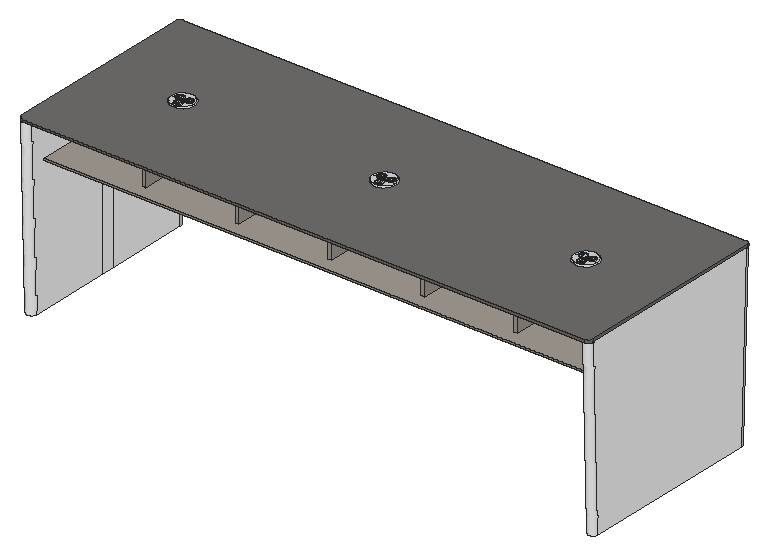
Revit family "Table-With_Shelf-Teknion-STCRT-Cavu_Parsons_Table-With_Power-R2014", category Furniture, Revit 2014
Parameters (values of type "119" w x 42" d x 37" h")
  Width = 9' - 11"
  Warranty = "http://www.teknionstudio.com/pdfs/Teknion%20Studio%20Warranty.pdf"
  Voltage = 125 V  # constant formula
  Unit Weight = 0.00 kip  # constant formula
  URL = "www.teknionstudio.com"
  Table Finish [instance] = Veneer - StudioTK - P7 - Weathered
  Shelf Offset = if(Width = 6' 0", 1' 6 21/32", if(Width = 7' 11", 1' 7 35/64", 1' 8 57/128"))  # 1' - 8 57/128"
  Shelf Finish [instance] = Veneer - StudioTK - P8 - Natural Oak
  Shelf Depth = if(Depth = 2' 0", 1' 2 3/4", 1' 4 1/4")  # 1' - 4 1/4"
  Series = "Studio"  # constant formula
  Second Shelf Visible = Depth = 3' 6"  # yes
  Product Page URL = ""
  Product Line = "Cavu"  # constant formula
  Product Documentation Link = "http://www.teknionstudio.com/pricing/STCRT_ppg.pdf"
  Power Finish [instance] = Paint - StudioTK - 7Y - Storm_White_Coordinate
  Power Factor = 1  # constant formula
  Part Number = "STCRT"  # constant formula
  Offset Second Shelf = if(Width = 9' 11", 1' 6 121/128", 0' 9 9/128")  # 1' - 6 121/128"
  Offset First Shelf = if(Width = 6' 0", 1' 4 157/256", if(Width = 7' 11", 2' 3 13/64", 3' 2 33/128"))  # 3' - 2 33/128"
  Nunmer of shelves = if(Width = 6' 0", 3, if(Width = 7' 11", 4, 5))  # 5
  Number of Poles = 1
  Number of Outlets = if(Width = 6' 0", 2, 3)  # 3
  Model = "STCRT1194237SN"
  Manufacturer Phone = "919-464-2920"  # constant formula
  Manufacturer Fax = "919-464-2927"  # constant formula
  Manufacturer Email = ""
  Manufacturer Address = "3941 US 70 Business HWY West, Clayton, NC 27520"  # constant formula
  Manufacturer = "StudioTK"  # constant formula
  Low Emitting Material = yes
  Low Emitting Finish = yes
  Leg grommet offset = if(Depth = 2' 0", 0' 3", 1' 5 1/2")  # 1' - 5 1/2"
  Leg Offset Side B = if(Depth = 2' 0", 0' 1 1/16", 0' 2 5/16")  # 0' - 2 5/16"
  Height = 3' - 1"
  Gable Offset = if(Depth = 2' 0", 1' 3 1/2", 1' 5 1/2")  # 1' - 5 1/2"
  Double Shelf = Depth = 3' 6"  # yes
  Description = "Cavu Parsons Table, 119\"W / 302cm, 42\"D / 107cm, 37\"H / 94cm, With Shelf, Without Power"
  Depth = 3' - 6"
  Connector Description = "Parsons Table Power & USB"  # constant formula
  Base Finish [instance] = Metal - StudioTK - V - Painted Very White
  Assembly Code = "E2020200"
Reference planes (in)
  plane 1 "Center Front/Back": y = 0
  plane 2: z = 0
  plane 3 "Center Left/Right": x = 0
  plane 4 "Inside Left": x = -57.47
  plane 5 "Inside Right": x = 57.46875
  plane 6 "Front": y = -21
  plane 7 "Back": y = 21
  plane 8 "Left": x = -59.5
  plane 9 "Right": x = 59.5
  plane 10 "Top": z = 37
  plane 11 "Center Glable": y = -3.5
  plane 12: y = 3.5
  plane 13: x = -38.67969
  plane 14 "offset shelf left": x = -39.05469
  plane 15: x = 39.05469
  plane 16: x = 38.67969
  plane 17: x = -19.33984
  plane 18: x = -38.67969
  plane 19: x = 38.67969
  plane 20: x = -19.33984
  plane 21: x = -42
  plane 22: x = 42
  plane 23: x = 0
  plane 24: x = 19.33984
  plane 25: x = 0
  plane 26: x = 19.33984
Forms (in)
  Extrusion 1, solid, material "Veneer - StudioTK - P7 - Weathered" <- "Table Finish"
    sketch origin (0, 0, 0) x (1, 0, 0) y (0, 1, 0)
      loop
        arc (-58.5, 21) -> (-59.20711, 20.70711) -> (-59.5, 20) r 1
        line (-59.5, 20) -> (-59.5, -20)
        arc (-59.5, -20) -> (-59.20711, -20.70711) -> (-58.5, -21) r 1
        line (-58.5, -21) -> (58.5, -21)
        arc (58.5, -21) -> (59.20711, -20.70711) -> (59.5, -20) r 1
        line (59.5, -20) -> (59.5, 20)
        arc (59.5, 20) -> (59.20711, 20.70711) -> (58.5, 21) r 1
        line (58.5, 21) -> (-58.5, 21)
    from 36.5 to 37
  Extrusion 2, solid, material "Metal - StudioTK - V - Painted Very White" <- "Base Finish"
    sketch origin (0, 0, 0) x (1, 0, 0) y (0, 1, 0)
      loop
        line (-58.485, 1.1875) -> (-58.485, 1.0625) -> (-57.595, 1.0625) -> (-57.595, -1.1875) -> (-58.485, -1.1875) -> (-58.485, -1.3125) -> (-57.47, -1.3125) -> (-57.47, 1.1875) -> (-58.485, 1.1875)
    from 0 to 36.5
  Extrusion 3, solid, material "Metal - StudioTK - V - Painted Very White" <- "Base Finish"
    sketch origin (-57.47, 0, 0) x (0, 1, 0) y (0, 0, 1)
      loop
        line (-2, 36.5) -> (-3.5, 36.5) -> (-3.5, 23.63) -> (-2, 23.63) -> (-2, 23.75109) -> (-3.37891, 23.75109) -> (-3.37891, 36.37891) -> (-2, 36.37891) -> (-2, 36.5)
      loop
        line (2, 36.5) -> (2, 36.37891) -> (3.37891, 36.37891) -> (3.37891, 23.75109) -> (2, 23.75109) -> (2, 23.63) -> (3.5, 23.63) -> (3.5, 36.5) -> (2, 36.5)
    from 0 to 114.93875
  Blend 4, solid, material "Metal - StudioTK - V - Painted Very White" <- "Base Finish"
    base sketch origin (-11.5, 0, 0) x (1, 0, 0) y (0, 1, 0)
      loop
        arc (-48, -18.7) -> (-46.985, -19.715) -> (-45.97, -18.7) r 1.015
        line (-45.97, -18.7) -> (-45.97, -1.3125) -> (-46.985, -1.3125) -> (-46.985, 1.1875) -> (-45.97, 1.1875) -> (-45.97, 18.6875)
        arc (-45.97, 18.6875) -> (-46.985, 19.7025) -> (-48, 18.6875) r 1.015
        line (-48, 18.6875) -> (-48, -18.7)
    top sketch origin (-11.5, 0, 0) x (1, 0, 0) y (0, 1, 0)
      loop
        line (-48, 19.95) -> (-48, -19.9)
        arc (-48, -19.9) -> (-46.985, -20.915) -> (-45.97, -19.9) r 1.015
        line (-45.97, -19.9) -> (-45.97, -1.3125) -> (-46.985, -1.3125) -> (-46.985, 1.1875) -> (-45.97, 1.1875) -> (-45.97, 19.95)
        arc (-45.97, 19.95) -> (-46.985, 20.965) -> (-48, 19.95) r 1.015
    from 0 to 36.5
  Blend 5, solid, material "Metal - StudioTK - V - Painted Very White" <- "Base Finish"
    base sketch origin (11.5, 0, 0) x (-1, 0, 0) y (0, -1, 0)
      loop
        line (-48, 18.7) -> (-48, -18.6875)
        arc (-48, -18.6875) -> (-46.985, -19.7025) -> (-45.97, -18.6875) r 1.015
        line (-45.97, -18.6875) -> (-45.97, -1.1875) -> (-46.985, -1.1875) -> (-46.985, 1.3125) -> (-45.97, 1.3125) -> (-45.97, 18.7)
        arc (-45.97, 18.7) -> (-46.985, 19.715) -> (-48, 18.7) r 1.015
    top sketch origin (11.5, 0, 0) x (-1, 0, 0) y (0, -1, 0)
      loop
        arc (-48, -19.95) -> (-46.985, -20.965) -> (-45.97, -19.95) r 1.015
        line (-45.97, -19.95) -> (-45.97, -1.1875) -> (-46.985, -1.1875) -> (-46.985, 1.3125) -> (-45.97, 1.3125) -> (-45.97, 19.9)
        arc (-45.97, 19.9) -> (-46.985, 20.915) -> (-48, 19.9) r 1.015
        line (-48, 19.9) -> (-48, -19.95)
    from 0 to 36.5
  Extrusion 6, solid, material "Metal - StudioTK - V - Painted Very White" <- "Base Finish"
    sketch origin (0, 0, 0) x (-1, 0, 0) y (0, -1, 0)
      loop
        line (-58.485, -1.1875) -> (-57.46875, -1.1875) -> (-57.46875, 1.3125) -> (-58.485, 1.3125) -> (-58.485, 1.1875) -> (-57.59375, 1.1875) -> (-57.59375, -1.0625) -> (-58.485, -1.0625) -> (-58.485, -1.1875)
    from 0 to 36.5
  Extrusion 7, solid, material "Veneer - StudioTK - P8 - Natural Oak" <- "Shelf Finish"
    sketch origin (-57.47, 0, 0) x (0, 1, 0) y (0, 0, 1)
      loop
        line (-3.5, 36.5) -> (-17, 36.5) -> (-17, 36.125) -> (-14.1233, 35.75) -> (-4.25, 35.75) -> (-4.25, 28.3881) -> (-17, 28.3881) -> (-17, 28.0131) -> (-14.1233, 27.6381) -> (-3.5, 27.6381) -> (-3.5, 36.5)
    from 0 to 114.93875
  Extrusion 8, solid, material "Veneer - StudioTK - P8 - Natural Oak" <- "Shelf Finish", visible <- "Second Shelf Visible"
    sketch origin (-57.47, -9, 0) x (0, -1, 0) y (0, 0, -1)
      loop
        line (-12.5, -36.5) -> (-12.5, -27.6381) -> (-23.1233, -27.6381) -> (-26, -28.0131) -> (-26, -28.3881) -> (-13.25, -28.3881) -> (-13.25, -35.75) -> (-23.1233, -35.75) -> (-26, -36.125) -> (-26, -36.5) -> (-12.5, -36.5)
    from 0 to 114.93875
  Extrusion 9, solid, material "Veneer - StudioTK - P8 - Natural Oak" <- "Shelf Finish"
    sketch origin (-9.08771, 0, -6) x (1, 0, 0) y (0, 1, 0)
      loop
        line (-29.96697, -4.25) -> (-29.96697, -14.1233) -> (-29.21697, -14.1233) -> (-29.21697, -4.25) -> (-29.96697, -4.25)
    from 34.3881 to 41.75
  Extrusion 10, solid, material "Veneer - StudioTK - P8 - Natural Oak" <- "Shelf Finish"
    sketch origin (68.27166, 0, -6) x (1, 0, 0) y (0, 1, 0)
      loop
        line (-29.96697, -4.25) -> (-29.96697, -14.1233) -> (-29.21697, -14.1233) -> (-29.21697, -4.25) -> (-29.96697, -4.25)
    from 34.3881 to 41.75
  Extrusion 11, solid, material "Veneer - StudioTK - P8 - Natural Oak" <- "Shelf Finish"
    sketch origin (10.25213, 0, -6) x (1, 0, 0) y (0, 1, 0)
      loop
        line (-29.96697, -4.25) -> (-29.96697, -14.1233) -> (-29.21697, -14.1233) -> (-29.21697, -4.25) -> (-29.96697, -4.25)
    from 34.3881 to 41.75
  Extrusion 12, solid, material "Veneer - StudioTK - P8 - Natural Oak" <- "Shelf Finish", visible <- "Second Shelf Visible"
    sketch origin (-9.08771, 0, -6) x (1, 0, 0) y (0, 1, 0)
      loop
        line (-29.96697, 4.25) -> (-29.21697, 4.25) -> (-29.21697, 14.1233) -> (-29.96697, 14.1233) -> (-29.96697, 4.25)
    from 34.3881 to 41.75
  Extrusion 13, solid, material "Veneer - StudioTK - P8 - Natural Oak" <- "Shelf Finish", visible <- "Second Shelf Visible"
    sketch origin (68.27166, 0, -6) x (1, 0, 0) y (0, 1, 0)
      loop
        line (-29.96697, 4.25) -> (-29.21697, 4.25) -> (-29.21697, 14.1233) -> (-29.96697, 14.1233) -> (-29.96697, 4.25)
    from 34.3881 to 41.75
  Extrusion 14, solid, material "Veneer - StudioTK - P8 - Natural Oak" <- "Shelf Finish", visible <- "Second Shelf Visible"
    sketch origin (10.25213, 0, -6) x (1, 0, 0) y (0, 1, 0)
      loop
        line (-29.96697, 4.25) -> (-29.21697, 4.25) -> (-29.21697, 14.1233) -> (-29.96697, 14.1233) -> (-29.96697, 4.25)
    from 34.3881 to 41.75
  Extrusion 15, solid, material "Veneer - StudioTK - P8 - Natural Oak" <- "Shelf Finish"
    sketch origin (29.59197, 0, -6) x (1, 0, 0) y (0, 1, 0)
      loop
        line (-29.96697, -4.25) -> (-29.96697, -14.1233) -> (-29.21697, -14.1233) -> (-29.21697, -4.25) -> (-29.96697, -4.25)
    from 34.3881 to 41.75
  Extrusion 16, solid, material "Veneer - StudioTK - P8 - Natural Oak" <- "Shelf Finish"
    sketch origin (48.93182, 0, -6) x (1, 0, 0) y (0, 1, 0)
      loop
        line (-29.96697, -4.25) -> (-29.96697, -14.1233) -> (-29.21697, -14.1233) -> (-29.21697, -4.25) -> (-29.96697, -4.25)
    from 34.3881 to 41.75
  Extrusion 17, solid, material "Veneer - StudioTK - P8 - Natural Oak" <- "Shelf Finish", visible <- "Second Shelf Visible"
    sketch origin (29.59197, 0, -6) x (1, 0, 0) y (0, 1, 0)
      loop
        line (-29.96697, 4.25) -> (-29.21697, 4.25) -> (-29.21697, 14.1233) -> (-29.96697, 14.1233) -> (-29.96697, 4.25)
    from 34.3881 to 41.75
  Extrusion 18, solid, material "Veneer - StudioTK - P8 - Natural Oak" <- "Shelf Finish", visible <- "Second Shelf Visible"
    sketch origin (48.93182, 0, -6) x (1, 0, 0) y (0, 1, 0)
      loop
        line (-29.96697, 4.25) -> (-29.21697, 4.25) -> (-29.21697, 14.1233) -> (-29.96697, 14.1233) -> (-29.96697, 4.25)
    from 34.3881 to 41.75
Lines and regions (in)
  Masking region 1
    outline origin (0, 0, 0) x (1, 0, 0) y (0, 1, 0)
      loop
        arc (-58.5, 21) -> (-59.20711, 20.70711) -> (-59.5, 20) r 1
        line (-59.5, 20) -> (-59.5, -20)
        arc (-59.5, -20) -> (-59.20711, -20.70711) -> (-58.5, -21) r 1
        line (-58.5, -21) -> (58.5, -21)
        arc (58.5, -21) -> (59.20711, -20.70711) -> (59.5, -20) r 1
        line (59.5, -20) -> (59.5, 20)
        arc (59.5, 20) -> (59.20711, 20.70711) -> (58.5, 21) r 1
        line (58.5, 21) -> (-58.5, 21)
  symbolic lines, detail levels medium+fine
    curve 1: arc (-59.5, -19.9, 0) -> (-58.485, -20.915, 0) -> (-57.47, -19.9, 0) r 1.015
    curve 2: line (-59.5, 19.9375, 0) -> (-59.5, -19.9, 0)
    curve 3: arc (-57.47, 19.9375, 0) -> (-58.485, 20.9525, 0) -> (-59.5, 19.9375, 0) r 1.015
    curve 4: arc (59.5, 19.9375, 0) -> (58.485, 20.9525, 0) -> (57.47, 19.9375, 0) r 1.015
    curve 5: line (59.5, -19.9, 0) -> (59.5, 19.9375, 0)
    curve 6: arc (57.47, -19.9, 0) -> (58.485, -20.915, 0) -> (59.5, -19.9, 0) r 1.015
    curve 57: line (-57.47, 1.1875, 0) -> (-57.47, 19.9375, 0)
    curve 58: line (-58.485, 1.1875, 0) -> (-57.47, 1.1875, 0)
    curve 59: line (-58.485, -1.3125, 0) -> (-58.485, 1.1875, 0)
    curve 60: line (-57.47, -1.3125, 0) -> (-58.485, -1.3125, 0)
    curve 61: line (-57.47, -19.9, 0) -> (-57.47, -1.3125, 0)
    curve 62: line (57.47, -1.3125, 0) -> (57.47, -19.9, 0)
    curve 63: line (58.485, -1.3125, 0) -> (57.46875, -1.3125, 0)
    curve 64: line (58.485, 1.1875, 0) -> (58.485, -1.3125, 0)
    curve 65: line (57.46875, 1.1875, 0) -> (58.485, 1.1875, 0)
    curve 66: line (57.47, 19.9375, 0) -> (57.47, 1.1875, 0)
    curve 69: arc (-44.33069, 0, 0) -> (-42, 2.33069, 0) -> (-39.66931, 0, 0) r 2.33069
    curve 70: arc (-39.66931, 0, 0) -> (-42, -2.33069, 0) -> (-44.33069, 0, 0) r 2.33069
    curve 71: arc (-42.8016, -1.15873, 0) -> (-42.00826, -1.95207, 0) -> (-41.21492, -1.15873, 0) r 0.79334
    curve 72: arc (-41.21492, -1.15873, 0) -> (-42.00826, -0.3654, 0) -> (-42.8016, -1.15873, 0) r 0.79334
    curve 73: arc (-43.77002, 0.51127, 0) -> (-42.97326, -0.28549, 0) -> (-42.1765, 0.51127, 0) r 0.79676
    curve 74: arc (-42.1765, 0.51127, 0) -> (-42.97326, 1.30803, 0) -> (-43.77002, 0.51127, 0) r 0.79676
    curve 75: arc (-40.25305, 0.51127, 0) -> (-41.04326, 1.30147, 0) -> (-41.83347, 0.51127, 0) r 0.79021
    curve 76: arc (-41.83347, 0.51127, 0) -> (-41.04326, -0.27894, 0) -> (-40.25305, 0.51127, 0) r 0.79021
    curve 109: arc (39.66931, 0, 0) -> (42, 2.33069, 0) -> (44.33069, 0, 0) r 2.33069
    curve 110: arc (44.33069, 0, 0) -> (42, -2.33069, 0) -> (39.66931, 0, 0) r 2.33069
    curve 111: arc (41.1984, -1.15873, 0) -> (41.99174, -1.95207, 0) -> (42.78508, -1.15873, 0) r 0.79334
    curve 112: arc (42.78508, -1.15873, 0) -> (41.99174, -0.3654, 0) -> (41.1984, -1.15873, 0) r 0.79334
    curve 113: arc (40.22998, 0.51127, 0) -> (41.02674, -0.28549, 0) -> (41.8235, 0.51127, 0) r 0.79676
    curve 114: arc (41.8235, 0.51127, 0) -> (41.02674, 1.30803, 0) -> (40.22998, 0.51127, 0) r 0.79676
    curve 115: arc (43.74695, 0.51127, 0) -> (42.95674, 1.30147, 0) -> (42.16653, 0.51127, 0) r 0.79021
    curve 116: arc (42.16653, 0.51127, 0) -> (42.95674, -0.27894, 0) -> (43.74695, 0.51127, 0) r 0.79021
    curve 165: arc (-2.33069, 0, 0) -> (0, 2.33069, 0) -> (2.33069, 0, 0) r 2.33069
    curve 166: arc (2.33069, 0, 0) -> (0, -2.33069, 0) -> (-2.33069, 0, 0) r 2.33069
    curve 167: arc (-0.8016, -1.15873, 0) -> (-0.00826, -1.95207, 0) -> (0.78508, -1.15873, 0) r 0.79334
    curve 168: arc (0.78508, -1.15873, 0) -> (-0.00826, -0.3654, 0) -> (-0.8016, -1.15873, 0) r 0.79334
    curve 169: arc (-1.77002, 0.51127, 0) -> (-0.97326, -0.28549, 0) -> (-0.1765, 0.51127, 0) r 0.79676
    curve 170: arc (-0.1765, 0.51127, 0) -> (-0.97326, 1.30803, 0) -> (-1.77002, 0.51127, 0) r 0.79676
    curve 171: arc (1.74695, 0.51127, 0) -> (0.95674, 1.30147, 0) -> (0.16653, 0.51127, 0) r 0.79021
    curve 172: arc (0.16653, 0.51127, 0) -> (0.95674, -0.27894, 0) -> (1.74695, 0.51127, 0) r 0.79021
  symbolic lines, detail levels fine
    curve 7: line (-57.47, 1.1875, 0) -> (-58.485, 1.1875, 0)
    curve 8: line (-57.47, -1.3125, 0) -> (-57.47, 1.1875, 0)
    curve 9: line (-58.485, -1.3125, 0) -> (-57.47, -1.3125, 0)
    curve 10: line (-58.485, -1.1875, 0) -> (-58.485, -1.3125, 0)
    curve 11: line (-57.595, -1.1875, 0) -> (-58.485, -1.1875, 0)
    curve 12: line (-57.595, 1.0625, 0) -> (-57.595, -1.1875, 0)
    curve 13: line (-58.485, 1.0625, 0) -> (-57.595, 1.0625, 0)
    curve 14: line (-58.485, 1.1875, 0) -> (-58.485, 1.0625, 0)
    curve 15: line (58.485, 1.0625, 0) -> (58.485, 1.1875, 0)
    curve 16: line (57.59375, 1.0625, 0) -> (58.485, 1.0625, 0)
    curve 17: line (57.59375, -1.1875, 0) -> (57.59375, 1.0625, 0)
    curve 18: line (58.485, -1.1875, 0) -> (57.59375, -1.1875, 0)
    curve 19: line (58.485, -1.3125, 0) -> (58.485, -1.1875, 0)
    curve 20: line (57.46875, 1.1875, 0) -> (57.46875, -1.3125, 0)
    curve 21: line (58.485, 1.1875, 0) -> (57.46875, 1.1875, 0)
    curve 22: line (57.46875, -1.3125, 0) -> (58.485, -1.3125, 0)
    curve 77: arc (-43.72326, 0.51127, 0) -> (-42.97326, 1.26127, 0) -> (-42.22326, 0.51127, 0) r 0.75
    curve 78: arc (-42.22326, 0.51127, 0) -> (-42.97326, -0.23873, 0) -> (-43.72326, 0.51127, 0) r 0.75
    curve 79: arc (-43.44223, 0.75014, 0) -> (-43.23544, 0.5653, 0) -> (-43.50592, 0.50389, 0) r 0.15605
    curve 80: arc (-43.50592, 0.50389, 0) -> (-43.48334, 0.62941, 0) -> (-43.44223, 0.75014, 0) r 0.85
    curve 81: line (-43.12716, 0.39355, 0) -> (-42.59468, 0.25584, 0)
    curve 82: line (-42.59468, 0.25584, 0) -> (-42.63223, 0.11062, 0)
    curve 83: line (-42.63223, 0.11062, 0) -> (-43.16471, 0.24832, 0)
    curve 84: line (-43.16471, 0.24832, 0) -> (-43.12716, 0.39355, 0)
    curve 85: line (-42.52499, 0.52531, 0) -> (-43.05747, 0.66301, 0)
    curve 86: line (-43.05747, 0.66301, 0) -> (-43.01991, 0.80824, 0)
    curve 87: line (-43.01991, 0.80824, 0) -> (-42.48743, 0.67053, 0)
    curve 88: line (-42.48743, 0.67053, 0) -> (-42.52499, 0.52531, 0)
    curve 89: line (-41.38536, 0.23004, 0) -> (-41.38536, 0.78004, 0)
    curve 90: line (-41.38536, 0.78004, 0) -> (-41.18536, 0.78004, 0)
    curve 91: line (-41.18536, 0.78004, 0) -> (-41.18536, 0.23004, 0)
    curve 92: line (-41.18536, 0.23004, 0) -> (-41.38536, 0.23004, 0)
    curve 93: line (-40.90115, 0.23004, 0) -> (-40.90115, 0.78004, 0)
    curve 94: line (-40.90115, 0.78004, 0) -> (-40.70115, 0.78004, 0)
    curve 95: line (-40.70115, 0.78004, 0) -> (-40.70115, 0.23004, 0)
    curve 96: line (-40.70115, 0.23004, 0) -> (-40.90115, 0.23004, 0)
    curve 97: line (-41.71909, -0.74234, 0) -> (-41.71909, -1.29234, 0)
    curve 98: line (-41.71909, -1.29234, 0) -> (-41.86909, -1.29234, 0)
    curve 99: line (-41.86909, -1.29234, 0) -> (-41.86909, -0.74234, 0)
    curve 100: line (-41.86909, -0.74234, 0) -> (-41.71909, -0.74234, 0)
    curve 101: line (-42.14743, -0.74234, 0) -> (-42.14743, -1.29234, 0)
    curve 102: line (-42.14743, -1.29234, 0) -> (-42.29743, -1.29234, 0)
    curve 103: line (-42.29743, -1.29234, 0) -> (-42.29743, -0.74234, 0)
    curve 104: line (-42.29743, -0.74234, 0) -> (-42.14743, -0.74234, 0)
    curve 105: arc (-42.13543, -1.68667, 0) -> (-42.00826, -1.44018, 0) -> (-41.88108, -1.68667, 0) r 0.15605
    curve 106: arc (-41.88108, -1.68667, 0) -> (-42.00826, -1.69623, 0) -> (-42.13543, -1.68667, 0) r 0.85
    curve 117: arc (40.27674, 0.51127, 0) -> (41.02674, 1.26127, 0) -> (41.77674, 0.51127, 0) r 0.75
    curve 118: arc (41.77674, 0.51127, 0) -> (41.02674, -0.23873, 0) -> (40.27674, 0.51127, 0) r 0.75
    curve 119: arc (40.55777, 0.75014, 0) -> (40.76456, 0.5653, 0) -> (40.49408, 0.50389, 0) r 0.15605
    curve 120: arc (40.49408, 0.50389, 0) -> (40.51666, 0.62941, 0) -> (40.55777, 0.75014, 0) r 0.85
    curve 121: line (40.87284, 0.39355, 0) -> (41.40532, 0.25584, 0)
    curve 122: line (41.40532, 0.25584, 0) -> (41.36777, 0.11062, 0)
    curve 123: line (41.36777, 0.11062, 0) -> (40.83529, 0.24832, 0)
    curve 124: line (40.83529, 0.24832, 0) -> (40.87284, 0.39355, 0)
    curve 125: line (41.47501, 0.52531, 0) -> (40.94253, 0.66301, 0)
    curve 126: line (40.94253, 0.66301, 0) -> (40.98009, 0.80824, 0)
    curve 127: line (40.98009, 0.80824, 0) -> (41.51257, 0.67053, 0)
    curve 128: line (41.51257, 0.67053, 0) -> (41.47501, 0.52531, 0)
    curve 129: line (42.61464, 0.23004, 0) -> (42.61464, 0.78004, 0)
    curve 130: line (42.61464, 0.78004, 0) -> (42.81464, 0.78004, 0)
    curve 131: line (42.81464, 0.78004, 0) -> (42.81464, 0.23004, 0)
    curve 132: line (42.81464, 0.23004, 0) -> (42.61464, 0.23004, 0)
    curve 133: line (43.09885, 0.23004, 0) -> (43.09885, 0.78004, 0)
    curve 134: line (43.09885, 0.78004, 0) -> (43.29885, 0.78004, 0)
    curve 135: line (43.29885, 0.78004, 0) -> (43.29885, 0.23004, 0)
    curve 136: line (43.29885, 0.23004, 0) -> (43.09885, 0.23004, 0)
    curve 137: line (42.28091, -0.74234, 0) -> (42.28091, -1.29234, 0)
    curve 138: line (42.28091, -1.29234, 0) -> (42.13091, -1.29234, 0)
    curve 139: line (42.13091, -1.29234, 0) -> (42.13091, -0.74234, 0)
    curve 140: line (42.13091, -0.74234, 0) -> (42.28091, -0.74234, 0)
    curve 141: line (41.85257, -0.74234, 0) -> (41.85257, -1.29234, 0)
    curve 142: line (41.85257, -1.29234, 0) -> (41.70257, -1.29234, 0)
    curve 143: line (41.70257, -1.29234, 0) -> (41.70257, -0.74234, 0)
    curve 144: line (41.70257, -0.74234, 0) -> (41.85257, -0.74234, 0)
    curve 145: arc (41.86457, -1.68667, 0) -> (41.99174, -1.44018, 0) -> (42.11892, -1.68667, 0) r 0.15605
    curve 146: arc (42.11892, -1.68667, 0) -> (41.99174, -1.69623, 0) -> (41.86457, -1.68667, 0) r 0.85
    curve 173: arc (-1.72326, 0.51127, 0) -> (-0.97326, 1.26127, 0) -> (-0.22326, 0.51127, 0) r 0.75
    curve 174: arc (-0.22326, 0.51127, 0) -> (-0.97326, -0.23873, 0) -> (-1.72326, 0.51127, 0) r 0.75
    curve 175: arc (-1.44223, 0.75014, 0) -> (-1.23544, 0.5653, 0) -> (-1.50592, 0.50389, 0) r 0.15605
    curve 176: arc (-1.50592, 0.50389, 0) -> (-1.48334, 0.62941, 0) -> (-1.44223, 0.75014, 0) r 0.85
    curve 177: line (-1.12716, 0.39355, 0) -> (-0.59468, 0.25584, 0)
    curve 178: line (-0.59468, 0.25584, 0) -> (-0.63223, 0.11062, 0)
    curve 179: line (-0.63223, 0.11062, 0) -> (-1.16471, 0.24832, 0)
    curve 180: line (-1.16471, 0.24832, 0) -> (-1.12716, 0.39355, 0)
    curve 181: line (-0.52499, 0.52531, 0) -> (-1.05747, 0.66301, 0)
    curve 182: line (-1.05747, 0.66301, 0) -> (-1.01991, 0.80824, 0)
    curve 183: line (-1.01991, 0.80824, 0) -> (-0.48743, 0.67053, 0)
    curve 184: line (-0.48743, 0.67053, 0) -> (-0.52499, 0.52531, 0)
    curve 185: line (0.61464, 0.23004, 0) -> (0.61464, 0.78004, 0)
    curve 186: line (0.61464, 0.78004, 0) -> (0.81464, 0.78004, 0)
    curve 187: line (0.81464, 0.78004, 0) -> (0.81464, 0.23004, 0)
    curve 188: line (0.81464, 0.23004, 0) -> (0.61464, 0.23004, 0)
    curve 189: line (1.09885, 0.23004, 0) -> (1.09885, 0.78004, 0)
    curve 190: line (1.09885, 0.78004, 0) -> (1.29885, 0.78004, 0)
    curve 191: line (1.29885, 0.78004, 0) -> (1.29885, 0.23004, 0)
    curve 192: line (1.29885, 0.23004, 0) -> (1.09885, 0.23004, 0)
    curve 193: line (0.28091, -0.74234, 0) -> (0.28091, -1.29234, 0)
    curve 194: line (0.28091, -1.29234, 0) -> (0.13091, -1.29234, 0)
    curve 195: line (0.13091, -1.29234, 0) -> (0.13091, -0.74234, 0)
    curve 196: line (0.13091, -0.74234, 0) -> (0.28091, -0.74234, 0)
    curve 197: line (-0.14743, -0.74234, 0) -> (-0.14743, -1.29234, 0)
    curve 198: line (-0.14743, -1.29234, 0) -> (-0.29743, -1.29234, 0)
    curve 199: line (-0.29743, -1.29234, 0) -> (-0.29743, -0.74234, 0)
    curve 200: line (-0.29743, -0.74234, 0) -> (-0.14743, -0.74234, 0)
    curve 201: arc (-0.13543, -1.68667, 0) -> (-0.00826, -1.44018, 0) -> (0.11892, -1.68667, 0) r 0.15605
    curve 202: arc (0.11892, -1.68667, 0) -> (-0.00826, -1.69623, 0) -> (-0.13543, -1.68667, 0) r 0.85
  symbolic lines, style "FurnitureHiddenLines", detail levels medium+fine
    curve 23: line (-57.47, -2, 0) -> (57.47, -2, 0)
    curve 24: line (-57.47, -3.37891, 0) -> (57.47, -3.37891, 0)
    curve 25: line (-57.47, 2, 0) -> (57.47, 2, 0)
    curve 26: line (-57.47, 3.37891, 0) -> (57.47, 3.37891, 0)
    curve 29: line (-57.47, -17, 0) -> (57.47, -17, 0)
  symbolic lines, style "FurnitureHiddenLines", visible <- "Double Shelf", detail levels fine
    curve 27: line (57.47, 14.1233, 0) -> (-57.47, 14.1233, 0)
    curve 55: line (57.47, 4.25, 0) -> (-57.47, 4.25, 0)
  symbolic lines, style "FurnitureHiddenLines", detail levels fine
    curve 28: line (-57.47, -14.1233, 0) -> (57.47, -14.1233, 0)
    curve 31: line (-38.30469, -4.25, 0) -> (-39.05469, -4.25, 0)
    curve 32: line (-38.30469, -14.1233, 0) -> (-38.30469, -4.25, 0)
    curve 33: line (-39.05469, -14.1233, 0) -> (-38.30469, -14.1233, 0)
    curve 34: line (-39.05469, -4.25, 0) -> (-39.05469, -14.1233, 0)
    curve 35: line (39.05469, -4.25, 0) -> (38.30469, -4.25, 0)
    curve 36: line (39.05469, -14.1233, 0) -> (39.05469, -4.25, 0)
    curve 37: line (38.30469, -14.1233, 0) -> (39.05469, -14.1233, 0)
    curve 38: line (38.30469, -4.25, 0) -> (38.30469, -14.1233, 0)
    curve 39: line (-18.96484, -4.25, 0) -> (-19.71484, -4.25, 0)
    curve 40: line (-18.96484, -14.1233, 0) -> (-18.96484, -4.25, 0)
    curve 41: line (-19.71484, -14.1233, 0) -> (-18.96484, -14.1233, 0)
    curve 42: line (-19.71484, -4.25, 0) -> (-19.71484, -14.1233, 0)
    curve 56: line (-57.47, -4.25, 0) -> (57.47, -4.25, 0)
    curve 147: line (0.375, -4.25, 0) -> (-0.375, -4.25, 0)
    curve 148: line (0.375, -14.1233, 0) -> (0.375, -4.25, 0)
    curve 149: line (-0.375, -14.1233, 0) -> (0.375, -14.1233, 0)
    curve 150: line (-0.375, -4.25, 0) -> (-0.375, -14.1233, 0)
    curve 151: line (19.71484, -4.25, 0) -> (18.96484, -4.25, 0)
    curve 152: line (19.71484, -14.1233, 0) -> (19.71484, -4.25, 0)
    curve 153: line (18.96484, -14.1233, 0) -> (19.71484, -14.1233, 0)
    curve 154: line (18.96484, -4.25, 0) -> (18.96484, -14.1233, 0)
  symbolic lines, style "FurnitureHiddenLines", visible <- "Double Shelf", detail levels medium+fine
    curve 30: line (57.47, 17, 0) -> (-57.47, 17, 0)
  symbolic lines, style "FurnitureHiddenLines", visible <- "Second Shelf Visible", detail levels fine
    curve 43: line (-38.30469, 14.1233, 0) -> (-39.05469, 14.1233, 0)
    curve 44: line (-38.30469, 4.25, 0) -> (-38.30469, 14.1233, 0)
    curve 45: line (-39.05469, 4.25, 0) -> (-38.30469, 4.25, 0)
    curve 46: line (-39.05469, 14.1233, 0) -> (-39.05469, 4.25, 0)
    curve 47: line (39.05469, 14.1233, 0) -> (38.30469, 14.1233, 0)
    curve 48: line (39.05469, 4.25, 0) -> (39.05469, 14.1233, 0)
    curve 49: line (38.30469, 4.25, 0) -> (39.05469, 4.25, 0)
    curve 50: line (38.30469, 14.1233, 0) -> (38.30469, 4.25, 0)
    curve 51: line (-18.96484, 14.1233, 0) -> (-19.71484, 14.1233, 0)
    curve 52: line (-18.96484, 4.25, 0) -> (-18.96484, 14.1233, 0)
    curve 53: line (-19.71484, 4.25, 0) -> (-18.96484, 4.25, 0)
    curve 54: line (-19.71484, 14.1233, 0) -> (-19.71484, 4.25, 0)
    curve 155: line (0.375, 14.1233, 0) -> (-0.375, 14.1233, 0)
    curve 156: line (0.375, 4.25, 0) -> (0.375, 14.1233, 0)
    curve 157: line (-0.375, 4.25, 0) -> (0.375, 4.25, 0)
    curve 158: line (-0.375, 14.1233, 0) -> (-0.375, 4.25, 0)
    curve 159: line (19.71484, 14.1233, 0) -> (18.96484, 14.1233, 0)
    curve 160: line (19.71484, 4.25, 0) -> (19.71484, 14.1233, 0)
    curve 161: line (18.96484, 4.25, 0) -> (19.71484, 4.25, 0)
    curve 162: line (18.96484, 14.1233, 0) -> (18.96484, 4.25, 0)
  symbolic lines
    curve 67: arc (-39.56, 0, 0) -> (-42, 2.44, 0) -> (-44.44, 0, 0) r 2.44
    curve 68: arc (-44.44, 0, 0) -> (-42, -2.44, 0) -> (-39.56, 0, 0) r 2.44
    curve 107: arc (44.44, 0, 0) -> (42, 2.44, 0) -> (39.56, 0, 0) r 2.44
    curve 108: arc (39.56, 0, 0) -> (42, -2.44, 0) -> (44.44, 0, 0) r 2.44
    curve 163: arc (2.44, 0, 0) -> (0, 2.44, 0) -> (-2.44, 0, 0) r 2.44
    curve 164: arc (-2.44, 0, 0) -> (0, -2.44, 0) -> (2.44, 0, 0) r 2.44
Dimensions and locks (in)
  equal spacing: plane 7 "Back", plane 1 "Center Front/Back", plane 6 "Front"
  "Depth": plane 7 "Back" to plane 6 "Front"
  "Width": plane 8 "Left" to plane 9 "Right"
  equal spacing: plane 8 "Left", plane 3 "Center Left/Right", plane 9 "Right"
  plane 8 "Left" to plane 4 "Inside Left" = 0' - 2.03"
  locked: plane 5 "Inside Right" to plane 9 "Right" at 2.03125
  "Height": plane 10 "Top" to level
  locked: plane 10 "Top" to Extrusion 1 at 0.5
  locked: Extrusion 2 sketch curve to Extrusion 2 sketch curve at 0.125
  locked: Extrusion 3 sketch curve to plane 11 "Center Glable" at 1.5  (x2)
  locked: Extrusion 3 sketch curve to plane 11 "Center Glable" at 0.12109
  locked: Extrusion 3 sketch curve to Extrusion 3 sketch curve at 0.12109  (x2)
  locked: Extrusion 3 sketch curve to Extrusion 3 sketch curve at 4  (x2)
  locked: Extrusion 3 sketch curve to Extrusion 3 sketch curve at 1.37891
  locked: Blend 4 sketch curve to Blend 4 sketch curve at 2.03
  Blend 4 sketch curve to Blend 4 sketch curve = 0' - 1.015"
  locked: Blend 4 sketch curve to Blend 4 sketch curve at 2.5
  locked: Blend 4 sketch curve to Blend 4 sketch curve at 1.015
  "Gable Offset": plane 11 "Center Glable" to plane 6 "Front"
  locked: Blend 5 sketch curve to Blend 5 sketch curve at 2.03
  Blend 5 sketch curve to Blend 5 sketch curve = 0' - 1.015"
  locked: Blend 5 sketch curve to Blend 5 sketch curve at 2.5
  locked: Blend 5 sketch curve to Blend 5 sketch curve at 1.015
  locked: Extrusion 6 sketch curve to Extrusion 6 sketch curve at 0.125  (x2)
  locked: plane 5 "Inside Right" to Extrusion 6 sketch curve at 0.125
  "Leg Offset Side B": plane 7 "Back" to Blend 4 sketch curve
  "Leg Offset Side B": plane 7 "Back" to Blend 5 sketch curve
  locked: plane 11 "Center Glable" to Extrusion 7 sketch curve at 0.75
  locked: plane 11 "Center Glable" to Extrusion 7 sketch curve at 13.5  (x2)
  locked: plane 11 "Center Glable" to Extrusion 7 sketch curve at 10.6233  (x2)
  plane 7 "Back" to plane 6 "Front" = 3' - 6"
  "Gable Offset": plane 7 "Back" to plane 12
  locked: plane 10 "Top" to Extrusion 8 sketch curve at 0.5
  locked: plane 10 "Top" to Extrusion 8 sketch curve at 1.25
  locked: plane 10 "Top" to Extrusion 8 sketch curve at 8.6119
  locked: plane 10 "Top" to Extrusion 8 sketch curve at 9.3619
  locked: Extrusion 8 sketch curve to plane 12 at 0.75
  locked: Extrusion 8 sketch curve to plane 12 at 13.5  (x2)
  locked: Extrusion 9 sketch curve to Extrusion 9 sketch curve at 0.75
  equal spacing: Extrusion 9 sketch curve, plane 13, Extrusion 9 sketch curve, locked at 0.375 each
  "Shelf Offset": plane 8 "Left" to plane 14 "offset shelf left"
  locked: Extrusion 10 sketch curve to Extrusion 10 sketch curve at 0.75
  equal spacing: Extrusion 10 sketch curve, plane 16, Extrusion 10 sketch curve, locked at 0.375 each
  equal spacing: group 1, group 3, group 9, group 10, group 2  (x3)
  locked: Extrusion 11 sketch curve to Extrusion 11 sketch curve at 0.75
  equal spacing: Extrusion 11 sketch curve, plane 17, Extrusion 11 sketch curve, locked at 0.375 each
  locked: Extrusion 12 sketch curve to Extrusion 12 sketch curve at 0.75
  equal spacing: Extrusion 12 sketch curve, plane 18, Extrusion 12 sketch curve, locked at 0.375 each
  locked: Extrusion 13 sketch curve to Extrusion 13 sketch curve at 0.75
  equal spacing: Extrusion 13 sketch curve, plane 19, Extrusion 13 sketch curve, locked at 0.375 each
  equal spacing: group 4, group 6, group 11, group 12, group 5  (x3)
  locked: Extrusion 14 sketch curve to Extrusion 14 sketch curve at 0.75
  equal spacing: Extrusion 14 sketch curve, plane 20, Extrusion 14 sketch curve, locked at 0.375 each
  locked: Extrusion 9 to plane 11 "Center Glable" at 0.75
  locked: Extrusion 10 to plane 11 "Center Glable" at 0.75
  plane 11 "Center Glable" to Extrusion 13 = 0' - 7 3/4"
  locked: plane 7 "Back" to Extrusion 12 at 6.8767
  plane 7 "Back" to Extrusion 13 = 0' - 6.8767"
  "Leg grommet offset": Blend 4 sketch curve to Blend 4 sketch curve
  "Leg grommet offset": Blend 5 sketch curve to Blend 5 sketch curve
  Extrusion 2 sketch curve to Extrusion 2 sketch curve to Extrusion 2 sketch curve to Extrusion 2 sketch curve = 0' - 0 1/8" locked, 0' - 2 1/4" locked, 0' - 0 1/8" locked
  locked: Extrusion 2 sketch curve to Extrusion 2 sketch curve at 1.015  (x2)
  locked: plane 10 "Top" to Extrusion 3 at 0.5  (x2)
  locked: plane 10 "Top" to Extrusion 9 at 1.25
  equal spacing: Extrusion 3, nested 1, Extrusion 3, locked at 2 each
  locked: plane 8 "Left" to nested 1 at 17.5
  Extrusion 3 to Extrusion 3 = 0' - 4"
  locked: plane 8 "Left" to plane 21 at 17.5
  locked: plane 22 to plane 9 "Right" at 17.5
  equal spacing: group 7, group 13, group 8  (x3)
  "Shelf Offset": plane 15 to plane 9 "Right"
  locked: Extrusion 15 sketch curve to Extrusion 15 sketch curve at 0.75
  equal spacing: Extrusion 15 sketch curve, plane 23, Extrusion 15 sketch curve, locked at 0.375 each
  locked: Extrusion 16 sketch curve to Extrusion 16 sketch curve at 0.75
  equal spacing: Extrusion 16 sketch curve, plane 24, Extrusion 16 sketch curve, locked at 0.375 each
  locked: Extrusion 17 sketch curve to Extrusion 17 sketch curve at 0.75
  equal spacing: Extrusion 17 sketch curve, plane 25, Extrusion 17 sketch curve, locked at 0.375 each
  locked: Extrusion 18 sketch curve to Extrusion 18 sketch curve at 0.75
  equal spacing: Extrusion 18 sketch curve, plane 26, Extrusion 18 sketch curve, locked at 0.375 each
  aligned and locked: level to plane 2
  aligned and locked: Masking region 1 sketch curve to Extrusion 1  (x4)
  aligned and locked: Extrusion 1 sketch curve to plane 7 "Back"
  aligned and locked: Extrusion 1 sketch curve to plane 6 "Front"
  aligned and locked: Extrusion 1 to plane 8 "Left"
  aligned and locked: Extrusion 1 sketch curve to plane 9 "Right"
  aligned and locked: Extrusion 1 to plane 10 "Top"
  aligned and locked: Extrusion 2 sketch curve to plane 4 "Inside Left"
  aligned and locked: Extrusion 2 to plane 2
  aligned and locked: Extrusion 3 sketch curve to plane 11 "Center Glable"
  aligned and locked: Extrusion 3 sketch curve to Extrusion 3 sketch curve  (x4)
  aligned and locked: Extrusion 3 to plane 4 "Inside Left"
  aligned and locked: plane 5 "Inside Right" to Extrusion 3
  aligned and locked: Blend 4 sketch curve to Blend 4 sketch curve
  aligned and locked: Blend 4 to plane 8 "Left"
  aligned and locked: plane 4 "Inside Left" to Blend 4
  aligned and locked: Blend 5 sketch curve to Blend 5 sketch curve
  aligned and locked: plane 9 "Right" to Extrusion 1
  aligned and locked: Extrusion 6 sketch curve to Blend 5  (x4)
  aligned and locked: Extrusion 6 sketch curve to plane 5 "Inside Right"
  aligned and locked: plane 11 "Center Glable" to Extrusion 7 sketch curve
  aligned and locked: Extrusion 7 sketch curve to Blend 4
  aligned and locked: plane 12 to Extrusion 8 sketch curve
  aligned and locked: plane 5 "Inside Right" to Extrusion 8
  aligned and locked: plane 5 "Inside Right" to Extrusion 7
  aligned and locked: Extrusion 9 to plane 14 "offset shelf left"
  aligned and locked: Extrusion 9 to Extrusion 7
  aligned and locked: Extrusion 7 to Extrusion 9
  aligned and locked: plane 15 to Extrusion 10
  aligned and locked: Extrusion 12 to plane 14 "offset shelf left"
  aligned and locked: Extrusion 12 to Extrusion 14
  aligned and locked: Blend 4 sketch curve to var sketch  (x2)
  aligned and locked: Blend 5 sketch curve to var sketch  (x2)
  aligned and locked: Extrusion 2 to Blend 4
  aligned and locked: Blend 4 to Extrusion 1
  aligned and locked: Extrusion 1 to Blend 4  (x10)
  aligned and locked: Blend 5 to Extrusion 1
  aligned and locked: Extrusion 10 to Extrusion 7
  aligned and locked: Extrusion 13 to Extrusion 7
  aligned and locked: Extrusion 12 to Extrusion 7
  aligned and locked: Extrusion 2 to Extrusion 1
  aligned and locked: Extrusion 6 to Extrusion 1
  aligned and locked: plane 15 to Extrusion 13
  aligned and locked: curve 1 to Blend 4
  aligned and locked: Extrusion 1 to curve 2
  aligned and locked: curve 6 to Blend 5
  aligned and locked: curve 7 to Extrusion 2
  aligned and locked: curve 8 to Extrusion 2
  aligned and locked: curve 9 to Extrusion 2
  aligned and locked: curve 10 to Extrusion 2
  aligned and locked: curve 11 to Extrusion 2
  aligned and locked: curve 12 to Extrusion 2
  aligned and locked: curve 13 to Extrusion 2
  aligned and locked: curve 14 to Extrusion 2
  aligned and locked: curve 15 to Extrusion 6
  aligned and locked: curve 16 to Extrusion 6
  aligned and locked: curve 17 to Extrusion 6
  aligned and locked: curve 18 to Extrusion 6
  aligned and locked: curve 19 to Extrusion 6
  aligned and locked: curve 20 to Extrusion 6
  aligned and locked: curve 21 to Extrusion 6
  aligned and locked: curve 22 to Extrusion 6
  aligned and locked: curve 23 to Extrusion 3
  aligned and locked: curve 24 to Extrusion 3
  aligned and locked: curve 25 to Extrusion 3
  aligned and locked: curve 26 to Extrusion 3
  aligned and locked: curve 27 to Extrusion 8
  aligned and locked: curve 28 to Extrusion 7
  aligned and locked: curve 29 to Extrusion 7
  aligned and locked: curve 30 to Extrusion 8
  aligned and locked: curve 31 to Extrusion 9
  aligned and locked: curve 32 to Extrusion 9
  aligned and locked: curve 33 to Extrusion 9
  aligned and locked: curve 34 to Extrusion 9
  aligned and locked: curve 35 to Extrusion 10
  aligned and locked: curve 36 to Extrusion 10
  aligned and locked: curve 37 to Extrusion 10
  aligned and locked: curve 38 to Extrusion 10
  aligned and locked: curve 39 to Extrusion 11
  aligned and locked: curve 40 to Extrusion 11
  aligned and locked: curve 41 to Extrusion 11
  aligned and locked: curve 42 to Extrusion 11
  aligned and locked: curve 43 to Extrusion 12
  aligned and locked: curve 44 to Extrusion 12
  aligned and locked: curve 45 to Extrusion 12
  aligned and locked: curve 46 to Extrusion 12
  aligned and locked: curve 47 to Extrusion 13
  aligned and locked: curve 48 to Extrusion 13
  aligned and locked: curve 49 to Extrusion 13
  aligned and locked: curve 50 to Extrusion 13
  aligned and locked: curve 51 to Extrusion 14
  aligned and locked: curve 52 to Extrusion 14
  aligned and locked: curve 53 to Extrusion 14
  aligned and locked: curve 54 to Extrusion 14
  aligned and locked: curve 55 to Extrusion 8
  aligned and locked: curve 56 to Extrusion 7
  aligned and locked: curve 57 to Blend 4
  aligned and locked: curve 58 to Blend 4
  aligned and locked: curve 59 to Blend 4
  aligned and locked: curve 60 to Blend 4
  aligned and locked: curve 62 to Blend 5
  aligned and locked: curve 63 to Blend 5
  aligned and locked: curve 64 to Blend 5
  aligned and locked: curve 65 to Blend 5
  aligned and locked: Blend 5 to curve 66
  aligned and locked: plane 10 "Top" to nested 1  (x2)
  aligned and locked: plane 21 to nested 1
  aligned and locked: plane 22 to nested 2
  aligned and locked: curve 67 to nested 1
  aligned and locked: curve 68 to nested 1
  aligned and locked: curve 69 to nested 1
  aligned and locked: curve 70 to nested 1
  aligned and locked: curve 71 to nested 1
  aligned and locked: curve 72 to nested 1
  aligned and locked: curve 73 to nested 1
  aligned and locked: curve 74 to nested 1
  aligned and locked: curve 75 to nested 1
  aligned and locked: curve 76 to nested 1
  aligned and locked: curve 77 to nested 1
  aligned and locked: curve 78 to nested 1
  aligned and locked: curve 79 to nested 1
  aligned and locked: curve 80 to nested 1
  aligned and locked: curve 81 to nested 1
  aligned and locked: curve 82 to nested 1
  aligned and locked: curve 83 to nested 1
  aligned and locked: curve 84 to nested 1
  aligned and locked: curve 85 to nested 1
  aligned and locked: curve 86 to nested 1
  aligned and locked: curve 87 to nested 1
  aligned and locked: curve 88 to nested 1
  aligned and locked: curve 89 to nested 1
  aligned and locked: curve 90 to nested 1
  aligned and locked: curve 91 to nested 1
  aligned and locked: curve 92 to nested 1
  aligned and locked: curve 93 to nested 1
  aligned and locked: curve 94 to nested 1
  aligned and locked: curve 95 to nested 1
  aligned and locked: curve 96 to nested 1
  aligned and locked: curve 97 to nested 1
  aligned and locked: curve 98 to nested 1
  aligned and locked: curve 99 to nested 1
  aligned and locked: curve 100 to nested 1
  aligned and locked: curve 101 to nested 1
  aligned and locked: curve 102 to nested 1
  aligned and locked: curve 103 to nested 1
  aligned and locked: curve 104 to nested 1
  aligned and locked: curve 105 to nested 1
  aligned and locked: curve 106 to nested 1
  aligned and locked: curve 107 to nested 2
  aligned and locked: curve 108 to nested 2
  aligned and locked: curve 109 to nested 2
  aligned and locked: curve 110 to nested 2
  aligned and locked: curve 111 to nested 2
  aligned and locked: curve 112 to nested 2
  aligned and locked: curve 113 to nested 2
  aligned and locked: curve 114 to nested 2
  aligned and locked: curve 115 to nested 2
  aligned and locked: curve 116 to nested 2
  aligned and locked: curve 117 to nested 2
  aligned and locked: curve 118 to nested 2
  aligned and locked: curve 119 to nested 2
  aligned and locked: curve 120 to nested 2
  aligned and locked: curve 121 to nested 2
  aligned and locked: curve 122 to nested 2
  aligned and locked: curve 123 to nested 2
  aligned and locked: curve 124 to nested 2
  aligned and locked: curve 125 to nested 2
  aligned and locked: curve 126 to nested 2
  aligned and locked: curve 127 to nested 2
  aligned and locked: curve 128 to nested 2
  aligned and locked: curve 129 to nested 2
  aligned and locked: curve 130 to nested 2
  aligned and locked: curve 131 to nested 2
  aligned and locked: curve 132 to nested 2
  aligned and locked: curve 133 to nested 2
  aligned and locked: curve 134 to nested 2
  aligned and locked: curve 135 to nested 2
  aligned and locked: curve 136 to nested 2
  aligned and locked: curve 137 to nested 2
  aligned and locked: curve 138 to nested 2
  aligned and locked: curve 139 to nested 2
  aligned and locked: curve 140 to nested 2
  aligned and locked: curve 141 to nested 2
  aligned and locked: curve 142 to nested 2
  aligned and locked: curve 143 to nested 2
  aligned and locked: curve 144 to nested 2
  aligned and locked: curve 145 to nested 2
  aligned and locked: curve 146 to nested 2
  aligned and locked: nested 1 to nested 2
  aligned and locked: plane 15 to curve 48
  aligned and locked: plane 15 to curve 36
  aligned and locked: curve 147 to Extrusion 15
  aligned and locked: curve 148 to Extrusion 15
  aligned and locked: curve 149 to Extrusion 15
  aligned and locked: curve 150 to Extrusion 15
  aligned and locked: curve 151 to Extrusion 16
  aligned and locked: curve 152 to Extrusion 16
  aligned and locked: curve 153 to Extrusion 16
  aligned and locked: curve 154 to Extrusion 16
  aligned and locked: curve 155 to Extrusion 17
  aligned and locked: curve 156 to Extrusion 17
  aligned and locked: curve 157 to Extrusion 17
  aligned and locked: curve 158 to Extrusion 17
  aligned and locked: curve 159 to Extrusion 18
  aligned and locked: curve 160 to Extrusion 18
  aligned and locked: curve 161 to Extrusion 18
  aligned and locked: curve 162 to Extrusion 18
  aligned and locked: curve 163 to nested 3
  aligned and locked: curve 164 to nested 3
  aligned and locked: curve 165 to nested 3
  aligned and locked: curve 166 to nested 3
  aligned and locked: curve 167 to nested 3
  aligned and locked: curve 168 to nested 3
  aligned and locked: curve 169 to nested 3
  aligned and locked: curve 170 to nested 3
  aligned and locked: curve 171 to nested 3
  aligned and locked: curve 172 to nested 3
  aligned and locked: curve 173 to nested 3
  aligned and locked: curve 174 to nested 3
  aligned and locked: curve 175 to nested 3
  aligned and locked: curve 176 to nested 3
  aligned and locked: curve 177 to nested 3
  aligned and locked: curve 178 to nested 3
  aligned and locked: curve 179 to nested 3
  aligned and locked: curve 180 to nested 3
  aligned and locked: curve 181 to nested 3
  aligned and locked: curve 182 to nested 3
  aligned and locked: curve 183 to nested 3
  aligned and locked: curve 184 to nested 3
  aligned and locked: curve 185 to nested 3
  aligned and locked: curve 186 to nested 3
  aligned and locked: curve 187 to nested 3
  aligned and locked: curve 188 to nested 3
  aligned and locked: curve 189 to nested 3
  aligned and locked: curve 190 to nested 3
  aligned and locked: curve 191 to nested 3
  aligned and locked: curve 192 to nested 3
  aligned and locked: curve 193 to nested 3
  aligned and locked: curve 194 to nested 3
  aligned and locked: curve 195 to nested 3
  aligned and locked: curve 196 to nested 3
  aligned and locked: curve 197 to nested 3
  aligned and locked: curve 198 to nested 3
  aligned and locked: curve 199 to nested 3
  aligned and locked: curve 200 to nested 3
  aligned and locked: curve 201 to nested 3
  aligned and locked: curve 202 to nested 3
  aligned and locked: Blend 4 to plane 2
  aligned and locked: plane 2 to Blend 4  (x4)
  aligned and locked: plane 2 to Blend 5
  aligned and locked: plane 2 to Extrusion 6
  aligned and locked: plane 9 "Right" to Blend 5 sketch curve
  aligned and locked: Blend 5 sketch curve to plane 9 "Right"
  aligned and locked: Blend 4 sketch curve to plane 8 "Left"
  aligned and locked: Blend 4 sketch curve to plane 4 "Inside Left"  (x3)
  aligned and locked: plane 10 "Top" to nested 3
  aligned and locked: plane 10 "Top" to nested 2
Automatic sketch dimensions
  Extrusion 9 sketch curve to Extrusion 9 sketch curve = 0' - 9.8733"
  Extrusion 10 sketch curve to Extrusion 10 sketch curve = 0' - 9.8733"
  Extrusion 11 sketch curve to Extrusion 11 sketch curve = 0' - 9.8733"
  Extrusion 12 sketch curve to Extrusion 12 sketch curve = 0' - 9.8733"
  Extrusion 1 sketch curve to plane 8 "Left" = 0' - 0"
  plane 8 "Left" to Extrusion 1 sketch curve = 0' - 1"  (x2)
  Extrusion 1 sketch curve to Extrusion 1 sketch curve = 0' - 1"
  Extrusion 1 sketch curve to plane 9 "Right" = 0' - 1"
  Extrusion 2 sketch curve to plane 1 "Center Front/Back" = 0' - 1 1/16"
  Extrusion 3 sketch curve to plane 10 "Top" = 1' - 1.37"
  Extrusion 3 sketch curve to plane 10 "Top" = 0' - 0 159/256"
  Extrusion 3 sketch curve to Extrusion 3 sketch curve = 0' - 0 31/256"
  plane 6 "Front" to Blend 4 sketch curve = 0' - 1.1"
  Blend 4 sketch curve to plane 7 "Back" = 0' - 1.05"
  plane 9 "Right" to Blend 5 sketch curve = 0' - 1.015"  (x2)
  Blend 5 sketch curve to plane 6 "Front" = 0' - 1.1"
  plane 7 "Back" to Blend 5 sketch curve = 0' - 1.05"
  Extrusion 7 sketch curve to Extrusion 7 sketch curve = 0' - 0 3/8"  (x2)
  Extrusion 7 sketch curve to plane 10 "Top" = 0' - 1 1/4"
  Extrusion 7 sketch curve to Extrusion 7 sketch curve = 0' - 7.7369"
  Extrusion 7 sketch curve to Extrusion 7 sketch curve = 0' - 0 3/4"
  Extrusion 8 sketch curve to Extrusion 8 sketch curve = 0' - 2.8767"  (x2)
  Extrusion 8 sketch curve to Extrusion 8 sketch curve = 0' - 0 3/8"  (x2)
  Extrusion 13 sketch curve to Extrusion 13 sketch curve = 0' - 9.8733"
  Extrusion 14 sketch curve to Extrusion 14 sketch curve = 0' - 9.8733"
  plane 6 "Front" to Blend 4 sketch curve = 0' - 2.3"
  Blend 5 sketch curve to plane 6 "Front" = 0' - 2.3"
  curve 2 to plane 7 "Back" = 0' - 1 1/16"
  curve 32 to curve 32 = 0' - 9.8733"
  curve 34 to curve 32 = 0' - 0 3/4"
  curve 36 to curve 36 = 0' - 9.8733"
  curve 38 to curve 36 = 0' - 0 3/4"
  curve 40 to curve 40 = 0' - 9.8733"
  curve 42 to curve 40 = 0' - 0 3/4"
  curve 44 to curve 44 = 0' - 9.8733"
  curve 46 to curve 44 = 0' - 0 3/4"
  curve 48 to curve 48 = 0' - 9.8733"
  curve 50 to curve 48 = 0' - 0 3/4"
  curve 52 to curve 52 = 0' - 9.8733"
  curve 54 to curve 52 = 0' - 0 3/4"
  curve 4 to plane 7 "Back" = 0' - 1 1/16"
  curve 67 to curve 69 = 0' - 0"  (x4)
  curve 73 to curve 77 = 0' - 0"  (x4)
  curve 79 to curve 83 = 0' - 0.22181"
  curve 83 to curve 84 = 0' - 0.03756"
  curve 81 to curve 86 = 0' - 0.06969"
  curve 85 to curve 86 = 0' - 0.03756"
  curve 85 to curve 74 = 0' - 0.08421"
  curve 74 to curve 80 = 0' - 0.31285"
  curve 80 to curve 82 = 0' - 0.02818"
  curve 80 to curve 88 = 0' - 0.13543"
  curve 82 to curve 102 = 0' - 0.33481"
  curve 102 to curve 102 = 0' - 0.15"
  curve 101 to curve 71 = 0' - 0.13917"
  curve 101 to curve 105 = 0' - 0.13917"
  curve 82 to curve 68 = 0' - 0.63223"
  curve 106 to curve 99 = 0' - 0.13917"
  curve 99 to curve 100 = 0' - 0.15"
  curve 67 to curve 89 = 0' - 0.61464"
  curve 89 to curve 91 = 0' - 0.2"
  curve 90 to curve 75 = 0' - 0.14211"
  curve 90 to curve 93 = 0' - 0.28421"
  curve 93 to curve 94 = 0' - 0.2"
  curve 105 to curve 101 = 0' - 0.30389"
  curve 101 to curve 98 = 0' - 0"
  curve 98 to curve 72 = 0' - 0.13361"
  curve 71 to curve 106 = 0' - 0 5/16"
  curve 106 to curve 97 = 0' - 0.10389"
  curve 106 to curve 104 = 0' - 0.10389"
  curve 99 to curve 70 = 0' - 0.74234"
  curve 67 to curve 82 = 0' - 0.11062"
  curve 67 to curve 92 = 0' - 0.23004"
  curve 91 to curve 93 = 0' - 0"  (x2)
  curve 82 to curve 83 = 0' - 0.13771"
  curve 81 to curve 80 = 0' - 0.16075"
  curve 81 to curve 74 = 0' - 0.11772"
  curve 93 to curve 75 = 0' - 0 9/32"
  curve 80 to curve 85 = 0' - 0.10872"
  curve 81 to curve 79 = 0' - 0.21082"
  curve 73 to curve 85 = 0' - 0.15175"
  curve 76 to curve 93 = 0' - 0.26877"
  curve 80 to curve 79 = 0' - 0.05571"
  curve 80 to curve 79 = 0' - 0.11939"
  curve 78 to curve 79 = 0' - 0.21734"
  curve 73 to curve 77 = 0' - 0.04676"
  curve 70 to curve 73 = 0' - 0.56067"
  curve 67 to curve 69 = 0' - 0.10931"
  curve 71 to curve 102 = 0' - 0.50417"
  curve 106 to curve 105 = 0' - 0.12718"
  curve 105 to curve 106 = 0' - 0.12718"
  curve 73 to curve 76 = 0' - 0.34303"
  curve 106 to curve 105 = 0' - 0.09043"
  curve 67 to curve 68 = 0' - 0"  (x2)
  curve 67 to curve 70 = 0' - 0"  (x2)
  curve 68 to curve 69 = 0' - 0"  (x2)
  curve 68 to curve 70 = 0' - 0"  (x2)
  curve 69 to curve 70 = 0' - 0"  (x2)
  curve 71 to curve 72 = 0' - 0"  (x2)
  curve 73 to curve 74 = 0' - 0"  (x2)
  curve 73 to curve 78 = 0' - 0"  (x2)
  curve 74 to curve 77 = 0' - 0"  (x2)
  curve 74 to curve 78 = 0' - 0"  (x2)
  curve 75 to curve 76 = 0' - 0"  (x2)
  curve 77 to curve 78 = 0' - 0"  (x2)
  curve 107 to curve 109 = 0' - 0"  (x4)
  curve 113 to curve 117 = 0' - 0"  (x4)
  curve 119 to curve 123 = 0' - 0.22181"
  curve 123 to curve 124 = 0' - 0.03756"
  curve 121 to curve 126 = 0' - 0.06969"
  curve 125 to curve 126 = 0' - 0.03756"
  curve 125 to curve 114 = 0' - 0.08421"
  curve 114 to curve 120 = 0' - 0.31285"
  curve 120 to curve 122 = 0' - 0.02818"
  curve 120 to curve 128 = 0' - 0.13543"
  curve 122 to curve 142 = 0' - 0.33481"
  curve 142 to curve 142 = 0' - 0.15"
  curve 141 to curve 111 = 0' - 0.13917"
  curve 141 to curve 145 = 0' - 0.13917"
  curve 122 to curve 108 = 0' - 0.63223"
  curve 146 to curve 139 = 0' - 0.13917"
  curve 139 to curve 140 = 0' - 0.15"
  curve 107 to curve 129 = 0' - 0.61464"
  curve 129 to curve 131 = 0' - 0.2"
  curve 130 to curve 115 = 0' - 0.14211"
  curve 130 to curve 133 = 0' - 0.28421"
  curve 133 to curve 134 = 0' - 0.2"
  curve 145 to curve 141 = 0' - 0.30389"
  curve 141 to curve 138 = 0' - 0"
  curve 138 to curve 112 = 0' - 0.13361"
  curve 111 to curve 146 = 0' - 0 5/16"
  curve 146 to curve 137 = 0' - 0.10389"
  curve 146 to curve 144 = 0' - 0.10389"
  curve 139 to curve 110 = 0' - 0.74234"
  curve 107 to curve 122 = 0' - 0.11062"
  curve 107 to curve 132 = 0' - 0.23004"
  curve 131 to curve 133 = 0' - 0"  (x2)
  curve 122 to curve 123 = 0' - 0.13771"
  curve 121 to curve 120 = 0' - 0.16075"
  curve 121 to curve 114 = 0' - 0.11772"
  curve 133 to curve 115 = 0' - 0 9/32"
  curve 120 to curve 125 = 0' - 0.10872"
  curve 121 to curve 119 = 0' - 0.21082"
  curve 113 to curve 125 = 0' - 0.15175"
  curve 116 to curve 133 = 0' - 0.26877"
  curve 120 to curve 119 = 0' - 0.05571"
  curve 120 to curve 119 = 0' - 0.11939"
  curve 118 to curve 119 = 0' - 0.21734"
  curve 113 to curve 117 = 0' - 0.04676"
  curve 110 to curve 113 = 0' - 0.56067"
  curve 107 to curve 109 = 0' - 0.10931"
  curve 111 to curve 142 = 0' - 0.50417"
  curve 146 to curve 145 = 0' - 0.12718"
  curve 145 to curve 146 = 0' - 0.12718"
  curve 113 to curve 116 = 0' - 0.34303"
  curve 146 to curve 145 = 0' - 0.09043"
  curve 107 to curve 108 = 0' - 0"  (x2)
  curve 107 to curve 110 = 0' - 0"  (x2)
  curve 108 to curve 109 = 0' - 0"  (x2)
  curve 108 to curve 110 = 0' - 0"  (x2)
  curve 109 to curve 110 = 0' - 0"  (x2)
  curve 111 to curve 112 = 0' - 0"  (x2)
  curve 113 to curve 114 = 0' - 0"  (x2)
  curve 113 to curve 118 = 0' - 0"  (x2)
  curve 114 to curve 117 = 0' - 0"  (x2)
  curve 114 to curve 118 = 0' - 0"  (x2)
  curve 115 to curve 116 = 0' - 0"  (x2)
  curve 117 to curve 118 = 0' - 0"  (x2)
  Extrusion 15 sketch curve to Extrusion 15 sketch curve = 0' - 9.8733"
  curve 148 to curve 148 = 0' - 9.8733"
  curve 150 to curve 148 = 0' - 0 3/4"
  Extrusion 16 sketch curve to Extrusion 16 sketch curve = 0' - 9.8733"
  curve 152 to curve 152 = 0' - 9.8733"
  curve 154 to curve 152 = 0' - 0 3/4"
  Extrusion 17 sketch curve to Extrusion 17 sketch curve = 0' - 9.8733"
  curve 156 to curve 156 = 0' - 9.8733"
  curve 158 to curve 156 = 0' - 0 3/4"
  Extrusion 18 sketch curve to Extrusion 18 sketch curve = 0' - 9.8733"
  curve 160 to curve 160 = 0' - 9.8733"
  curve 162 to curve 160 = 0' - 0 3/4"
  curve 163 to curve 165 = 0' - 0"  (x4)
  curve 169 to curve 173 = 0' - 0"  (x4)
  curve 175 to curve 179 = 0' - 0.22181"
  curve 179 to curve 180 = 0' - 0.03756"
  curve 177 to curve 182 = 0' - 0.06969"
  curve 181 to curve 182 = 0' - 0.03756"
  curve 181 to curve 170 = 0' - 0.08421"
  curve 170 to curve 176 = 0' - 0.31285"
  curve 176 to curve 178 = 0' - 0.02818"
  curve 176 to curve 184 = 0' - 0.13543"
  curve 178 to curve 198 = 0' - 0.33481"
  curve 198 to curve 198 = 0' - 0.15"
  curve 197 to curve 167 = 0' - 0.13917"
  curve 197 to curve 201 = 0' - 0.13917"
  curve 178 to curve 164 = 0' - 0.63223"
  curve 202 to curve 195 = 0' - 0.13917"
  curve 195 to curve 196 = 0' - 0.15"
  curve 163 to curve 185 = 0' - 0.61464"
  curve 185 to curve 187 = 0' - 0.2"
  curve 186 to curve 171 = 0' - 0.14211"
  curve 186 to curve 189 = 0' - 0.28421"
  curve 189 to curve 190 = 0' - 0.2"
  curve 201 to curve 197 = 0' - 0.30389"
  curve 197 to curve 194 = 0' - 0"
  curve 194 to curve 168 = 0' - 0.13361"
  curve 167 to curve 202 = 0' - 0 5/16"
  curve 202 to curve 193 = 0' - 0.10389"
  curve 202 to curve 200 = 0' - 0.10389"
  curve 195 to curve 166 = 0' - 0.74234"
  curve 163 to curve 178 = 0' - 0.11062"
  curve 163 to curve 188 = 0' - 0.23004"
  curve 187 to curve 189 = 0' - 0"  (x2)
  curve 178 to curve 179 = 0' - 0.13771"
  curve 177 to curve 176 = 0' - 0.16075"
  curve 177 to curve 170 = 0' - 0.11772"
  curve 189 to curve 171 = 0' - 0 9/32"
  curve 176 to curve 181 = 0' - 0.10872"
  curve 177 to curve 175 = 0' - 0.21082"
  curve 169 to curve 181 = 0' - 0.15175"
  curve 172 to curve 189 = 0' - 0.26877"
  curve 176 to curve 175 = 0' - 0.05571"
  curve 176 to curve 175 = 0' - 0.11939"
  curve 174 to curve 175 = 0' - 0.21734"
  curve 169 to curve 173 = 0' - 0.04676"
  curve 166 to curve 169 = 0' - 0.56067"
  curve 163 to curve 165 = 0' - 0.10931"
